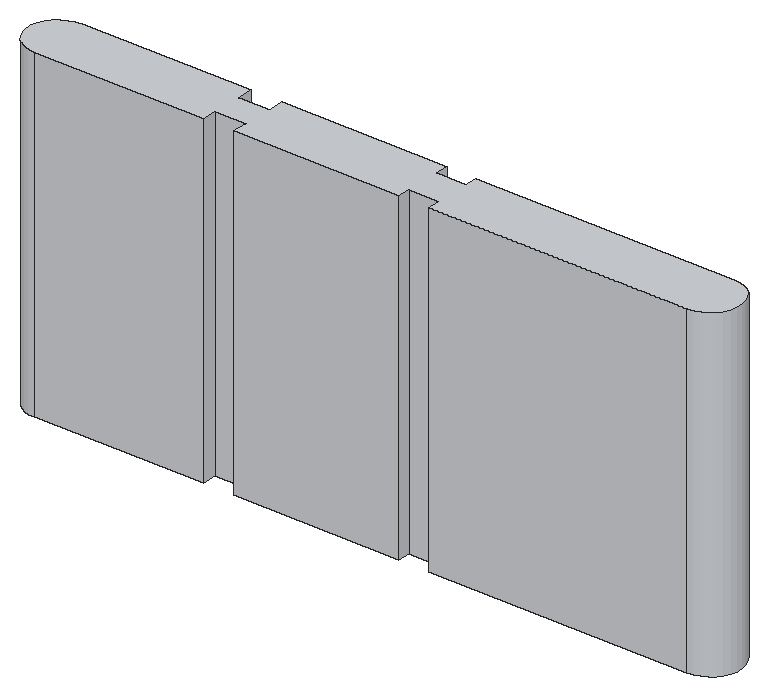
Revit family "闸墩 - 中墩", category 结构柱, Revit 2019
Family settings
  横断面形状 = 未定义
  用于模型行为的材质 = 其他
  始终导出为几何图形 = 否
  平面中的梁缩进 = 从边界框
  OmniClass 编号 = 23.25.30.11.14.11
  OmniClass 标题 = Columns
  加载时剪切的空心 = 否
  符号表示法 = 从族
  共享 = 否
  在平面视图中显示族的预剪切 = 是
Parameters (values of type "中墩 - C25")
  槽2深度 = 250 mm
  槽2宽度 = 600 mm
  槽2位置 = 8000 mm
  槽1深度 = 300 mm
  槽1宽度 = 620 mm
  槽1位置 = 4030 mm
  型号 = "LOCK_CHAMBER_PIER_MIDDLE"  # constant formula
  中墩宽度 = 1200 mm
  中墩长度 [instance] = 14440 mm
Reference planes
  plane 1 "中心(前/后)": y = 0
  plane 2: z = 0
  plane 3 "中心(左/右)": x = 0
  plane 4 "左": x = -7220
  plane 5 "右": x = 7220
  plane 6 "后": y = 600
  plane 7 "前": y = -600
  plane 8: x = -6620
  plane 9: x = 6620
  plane 10: x = -3190
  plane 11: x = 780
  plane 12: x = 1380
  plane 13: y = -300
  plane 14: y = -350
  plane 15: x = -2570
  plane 16: y = 300
  plane 17: y = 350
Forms (mm)
  Extrusion 1, solid
    sketch origin (0, 0, 0) x (1, 0, 0) y (0, 1, 0)
      loop
        arc (-6620, 600) -> (-7220, 0) -> (-6620, -600) r 600
        line (-6620, -600) -> (6620, -600)
        arc (6620, -600) -> (7220, 0) -> (6620, 600) r 600
        line (6620, 600) -> (-6620, 600)
    from 0 to 6620
  Extrusion 2, void
    sketch origin (0, 0, 0) x (1, 0, 0) y (0, 1, 0)
      loop
        line (-3190, -300) -> (-3190, -600) -> (-2570, -600) -> (-2570, -300) -> (-3190, -300)
      loop
        line (780, -350) -> (780, -600) -> (1380, -600) -> (1380, -350) -> (780, -350)
      loop
        line (780, 600) -> (780, 350) -> (1380, 350) -> (1380, 600) -> (780, 600)
      loop
        line (-3190, 600) -> (-3190, 300) -> (-2570, 300) -> (-2570, 600) -> (-3190, 600)
    from 0 to 6620
Cuts and joins
  Extrusion 2 cuts Extrusion 1
Dimensions and locks
  equal spacing: plane 4 "左", plane 3 "中心(左/右)", plane 5 "右"
  equal spacing: plane 7 "前", plane 1 "中心(前/后)", plane 6 "后"
  "中墩长度": plane 4 "左" to plane 5 "右"
  "中墩宽度": plane 7 "前" to plane 6 "后"
  plane 4 "左" to plane 8 = 600 mm
  plane 9 to plane 5 "右" = 600 mm
  "槽1位置": plane 4 "左" to plane 10
  "槽1宽度": plane 10 to plane 15
  "槽2位置": plane 4 "左" to plane 11
  "槽2宽度": plane 11 to plane 12
  "槽1深度": plane 7 "前" to plane 13
  "槽2深度": plane 7 "前" to plane 14
  "槽1深度": plane 16 to plane 6 "后"
  "槽2深度": plane 17 to plane 6 "后"
  aligned and locked: level to plane 2
  aligned and locked: plane 6 "后" to Extrusion 1 sketch curve
  aligned and locked: Extrusion 1 sketch curve to plane 7 "前"
  aligned and locked: Extrusion 1 to level  (x2)
  aligned and locked: level to cut or joined group of Extrusion 1, Extrusion 2
  aligned and locked: cut or joined group of Extrusion 1, Extrusion 2 to level  (x2)
  aligned and locked: plane 16 to cut or joined group of Extrusion 1, Extrusion 2
  aligned and locked: cut or joined group of Extrusion 1, Extrusion 2 to plane 10  (x2)
  aligned and locked: plane 15 to cut or joined group of Extrusion 1, Extrusion 2  (x2)
  aligned and locked: plane 13 to cut or joined group of Extrusion 1, Extrusion 2
  aligned and locked: cut or joined group of Extrusion 1, Extrusion 2 to plane 17
  aligned and locked: plane 12 to cut or joined group of Extrusion 1, Extrusion 2  (x2)
  aligned and locked: cut or joined group of Extrusion 1, Extrusion 2 to plane 11  (x2)
  aligned and locked: plane 14 to cut or joined group of Extrusion 1, Extrusion 2
Automatic sketch dimensions
  Extrusion 1 sketch curve to plane 8 = 0 mm
  Extrusion 1 sketch curve to plane 9 = 0 mm
  Extrusion 2 sketch curve to plane 10 = 0 mm  (x2)
  Extrusion 2 sketch curve to plane 13 = 0 mm
  Extrusion 2 sketch curve to plane 15 = 0 mm  (x2)
  plane 6 "后" to Extrusion 2 sketch curve = 0 mm  (x2)
  Extrusion 2 sketch curve to plane 11 = 0 mm  (x2)
  plane 7 "前" to Extrusion 2 sketch curve = 0 mm  (x2)
  Extrusion 2 sketch curve to plane 12 = 0 mm  (x2)
  Extrusion 2 sketch curve to plane 14 = 0 mm
  plane 16 to Extrusion 2 sketch curve = 0 mm
  plane 17 to Extrusion 2 sketch curve = 0 mm
